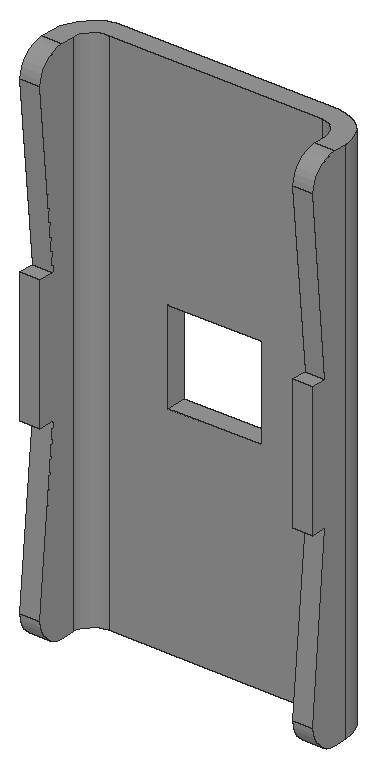
Revit family "Klemmstück- LKS 40 FT.pdf", category Generic Models, Revit 2017
Family settings
  Can host rebar = No
  Round Connector Dimension = Use Diameter
  Part Type = Normal
  Work Plane-Based = No
  Always vertical = Yes
  Cut with Voids When Loaded = No
  Shared = No
  Room Calculation Point = No
Parameters (values of type "LKS 40 FT")
  URL = "http://www.obo-bettermann.com"
  Material = Hot-dip galvanised
  Manufacturer Art.No. = "6221084"
  Manufacturer = "OBO BETTERMANN"
  GTIN = "4012196164592"
  Article Type = "LKS 40 FT"
Reference planes
  plane 1 "Center (Front/Back)": y = 0
  plane 2: z = 0
  plane 3 "Center (Left/Right)": x = 0
  plane 4: z = 40
  plane 5: z = 20
  plane 6: z = 25
  plane 7: z = 15
  plane 8: y = 1.3
  plane 9: z = 20
  plane 10: z = 15
  plane 11: y = 1.137
  plane 12: z = 20
  plane 13: z = 25
  plane 14: z = 15
  plane 15: y = 1.3
  plane 16: z = 20
  plane 17: z = 15
Forms (mm)
  Extrusion 1, solid, material "Hot-dip galvanised" <- "Material"
    sketch origin (0, 0, 0) x (1, 0, 0) y (0, 1, 0)
      loop
        line (-11, 0) -> (-9.5, 0) -> (-9.5, 3.017)
        arc (-9.5, 3.017) -> (-9.061, 4.077) -> (-8, 4.517) r 1.5
        line (-8, 4.517) -> (8, 4.517)
        arc (8, 4.517) -> (9.061, 4.077) -> (9.5, 3.017) r 1.5
        line (9.5, 3.017) -> (9.5, 0) -> (11, 0) -> (11, 3.017)
        arc (11, 3.017) -> (10.121, 5.138) -> (8, 6.017) r 3
        line (8, 6.017) -> (-8, 6.017)
        arc (-8, 6.017) -> (-10.121, 5.138) -> (-11, 3.017) r 3
        line (-11, 3.017) -> (-11, 0)
    from 0 to 40
  Extrusion 2, void
    sketch origin (0, 0, 0) x (1, 0, 0) y (0, 0, 1)
      loop
        line (-3.5, 23.488) -> (-3.5, 16.488) -> (3.5, 16.488) -> (3.5, 23.488) -> (-3.5, 23.488)
    from -4.517 to -6.054
  Extrusion 3, void
    sketch origin (0, 0, 0) x (0, 1, 0) y (0, 0, 1)
      loop
        line (2, 40) -> (0, 40) -> (0, 38)
        arc (0, 38) -> (0.586, 39.414) -> (2, 40) r 2
    from -9.5 to -11
  Extrusion 4, void
    sketch origin (0, 0, 0) x (0, 1, 0) y (0, 0, 1)
      loop
        arc (2, 0) -> (0.586, 0.586) -> (0, 2) r 2
        line (0, 2) -> (0, 0) -> (2, 0)
    from -9.5 to -11
  Extrusion 5, void
    sketch origin (0, 0, 0) x (0, 1, 0) y (0, 0, 1)
      loop
        line (2, 40) -> (0, 40) -> (0, 38)
        arc (0, 38) -> (0.586, 39.414) -> (2, 40) r 2
    from 11 to 9.5
  Extrusion 6, void
    sketch origin (0, 0, 0) x (0, 1, 0) y (0, 0, 1)
      loop
        line (0, 2) -> (0, 0) -> (2, 0)
        arc (2, 0) -> (0.586, 0.586) -> (0, 2) r 2
    from 11 to 9.5
  Extrusion 7, void
    sketch origin (0, 0, 0) x (0, 1, 0) y (0, 0, 1)
      loop
        line (0, 25) -> (1.137, 25) -> (0, 38) -> (0, 25)
    from -9.5 to -11
  Extrusion 8, void
    sketch origin (0, 0, 0) x (0, 1, 0) y (0, 0, 1)
      loop
        line (1.137, 15) -> (0, 15) -> (0, 2) -> (1.137, 15)
    from -9.5 to -11
  Extrusion 9, void
    sketch origin (0, 0, 0) x (0, 1, 0) y (0, 0, 1)
      loop
        line (1.137, 25) -> (0, 38) -> (0, 25) -> (1.137, 25)
    from 11 to 9.5
  Extrusion 10, void
    sketch origin (0, 0, 0) x (0, 1, 0) y (0, 0, 1)
      loop
        line (0, 15) -> (0, 2) -> (1.137, 15) -> (0, 15)
    from 11 to 9.5
Cuts and joins
  Extrusion 2, Extrusion 3, Extrusion 4, Extrusion 5, Extrusion 6, Extrusion 7, Extrusion 8, Extrusion 9, Extrusion 10 cuts Extrusion 1
Dimensions and locks
  locked: Extrusion 1 sketch curve to plane 3 "Center (Left/Right)" at 11
  locked: Extrusion 1 sketch curve to Extrusion 1 sketch curve at 22
  locked: Extrusion 1 sketch curve to Extrusion 1 sketch curve at 19
  locked: Extrusion 1 sketch curve to Extrusion 1 sketch curve at 6.017  (x2)
  locked: Extrusion 1 sketch curve to Extrusion 1 sketch curve at 1.5  (x2)
  Extrusion 1 sketch curve to Extrusion 1 sketch curve = 1.5 mm
  locked: plane 4 to level at 40
  locked: Extrusion 2 sketch curve to Extrusion 2 sketch curve at 7  (x2)
  locked: Extrusion 2 sketch curve to plane 3 "Center (Left/Right)" at 3.5
  locked: Extrusion 1 to Extrusion 2 sketch curve at 23.512
  locked: plane 4 to plane 5 at 20
  locked: plane 6 to plane 5 at 5
  locked: plane 5 to plane 7 at 5
  locked: cut or joined group 1 (Extrusion 1, Extrusion 2, Extrusion 3, Extrusion 4, Extrusion 5, Extrusion 6, Extrusion 7, Extrusion 8, Extrusion 9, Extrusion 10) to plane 8 at 1.3
  locked: cut or joined group 1 to plane 9 at 20
  locked: plane 9 to plane 10 at 5
  locked: plane 4 to plane 12 at 20
  locked: plane 13 to plane 12 at 5
  locked: plane 12 to plane 14 at 5
  locked: cut or joined group 1 to plane 15 at 1.3
  locked: plane 16 to plane 17 at 5
  locked: plane 16 to level at 20
  angle cut or joined group 1 to Extrusion 7 sketch curve = 5.00°
  locked: cut or joined group 1 to Extrusion 9 sketch curve (angle 5.00°)
  locked: Extrusion 10 sketch curve to cut or joined group 1 (angle 5.00°)
  aligned and locked: level to plane 2
  aligned and locked: plane 1 "Center (Front/Back)" to Extrusion 1  (x2)
  aligned and locked: plane 4 to Extrusion 1
  aligned and locked: Extrusion 1 to level
  aligned and locked: Extrusion 1 to Extrusion 2
  aligned and locked: plane 4 to Extrusion 3 sketch curve
  aligned and locked: plane 1 "Center (Front/Back)" to Extrusion 3 sketch curve
  aligned and locked: Extrusion 3 to Extrusion 1
  aligned and locked: Extrusion 1 to Extrusion 3
  aligned and locked: level to Extrusion 4 sketch curve
  aligned and locked: Extrusion 4 sketch curve to plane 1 "Center (Front/Back)"
  aligned and locked: Extrusion 4 to Extrusion 1
  aligned and locked: Extrusion 1 to Extrusion 4
  aligned and locked: plane 4 to Extrusion 5 sketch curve
  aligned and locked: Extrusion 1 to Extrusion 5
  aligned and locked: Extrusion 5 to Extrusion 1
  aligned and locked: Extrusion 6 sketch curve to level
  aligned and locked: plane 1 "Center (Front/Back)" to Extrusion 6 sketch curve
  aligned and locked: Extrusion 6 to Extrusion 1
  aligned and locked: Extrusion 1 to Extrusion 6
  aligned and locked: plane 1 "Center (Front/Back)" to Extrusion 7 sketch curve
  aligned and locked: Extrusion 7 sketch curve to plane 6
  aligned and locked: Extrusion 7 to Extrusion 1
  aligned and locked: Extrusion 1 to Extrusion 7
  aligned and locked: Extrusion 8 sketch curve to plane 1 "Center (Front/Back)"
  aligned and locked: Extrusion 8 to Extrusion 1
  aligned and locked: Extrusion 1 to Extrusion 8
  aligned and locked: plane 13 to Extrusion 9 sketch curve
  aligned and locked: Extrusion 1 to Extrusion 9
  aligned and locked: Extrusion 9 to Extrusion 1
  aligned and locked: Extrusion 10 sketch curve to plane 1 "Center (Front/Back)"
  aligned and locked: Extrusion 10 sketch curve to plane 17
  aligned and locked: Extrusion 10 to Extrusion 1
  aligned and locked: Extrusion 1 to Extrusion 10
Automatic sketch dimensions
  Extrusion 1 sketch curve to Extrusion 1 sketch curve = 0 mm  (x2)
  plane 1 "Center (Front/Back)" to Extrusion 1 sketch curve = 0 mm
  Extrusion 1 sketch curve to Extrusion 1 sketch curve = 1.5 mm
  Extrusion 1 sketch curve to Extrusion 1 sketch curve = 3 mm
  Extrusion 3 sketch curve to plane 1 "Center (Front/Back)" = 2 mm
  level to Extrusion 4 sketch curve = 2 mm
  Extrusion 5 sketch curve to plane 1 "Center (Front/Back)" = 0 mm
  Extrusion 5 sketch curve to plane 1 "Center (Front/Back)" = 2 mm
  Extrusion 6 sketch curve to plane 1 "Center (Front/Back)" = 2 mm
  Extrusion 7 sketch curve to plane 1 "Center (Front/Back)" = 1.137 mm
  Extrusion 8 sketch curve to plane 10 = 0 mm
  Extrusion 8 sketch curve to plane 11 = 0 mm
  level to Extrusion 8 sketch curve = 2 mm
  Extrusion 9 sketch curve to plane 1 "Center (Front/Back)" = 0 mm
  Extrusion 9 sketch curve to plane 15 = 0.163 mm
  Extrusion 10 sketch curve to Extrusion 10 sketch curve = 1.137 mm
